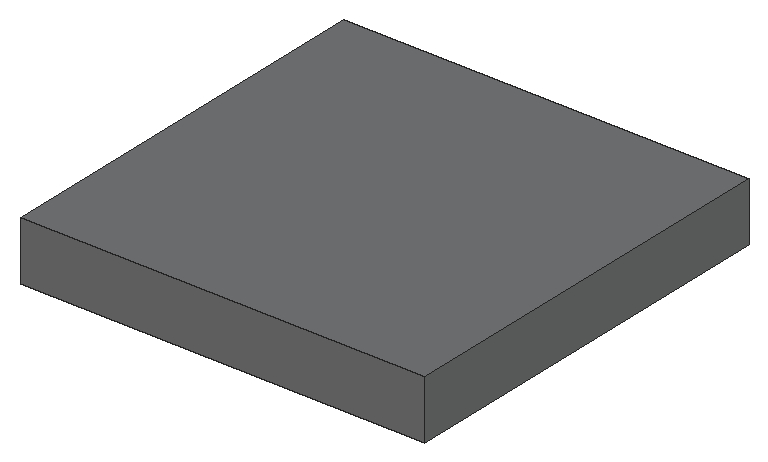
Revit family "Gira_026803", category Electrical Fixtures, host Face, Revit 2017
Family settings
  Host = Face
  Maintain Annotation Orientation = No
  Round Connector Dimension = Use Diameter
  Part Type = Normal
  Cut with Voids When Loaded = No
  Shared = No
  Room Calculation Point = No
Parameters (values of type "Blindabd. Tragring System 55 Reinweiß")
  Zusammenstellung = "Bedienelement"
  Werkstoffgüte = "sonstige"
  Werkstoff = "sonstige"
  Verwendung = "Blindabdeckung"
  URL = "http://katalog.gira.de/de_DE/datenblatt.html?artikelnr=026803"
  Transparent = "No"
  Tragring = "Yes"
  Region = "DE"
  RAL-Nummer (ähnlich) = "9010 "
  Oberfläche = "sonstige"
  Name = "Blindabd. Tragring System 55 Reinweiß"
  Montageart = "unter Putz"
  Mit Zugentlastung = "No"
  Mit Staubschutz = "No"
  Mit Klappdeckel = "No"
  Mit Aufdruck = "No"
  Manufacturer URL = "https://www.gira.de/"
  Lüsterklemme = "No"
  Keynote = "Sys55_Abdeckung_Schalten und Tasten"
  HeinzeBIM = "https://bimportal.heinze.de/bim/blindabd-tragring-system-55-reinweiss/fcda4eecf50e2b15c96f379005d226d6bbe24f9c"
  Halogenfrei = "Yes"
  HAN = "026803"
  Geeignet für Schutzart (IP) = "IP20"
  GTIN = "4010337268031"
  Farbe = "weiß"
  Default Elevation = 1219.2 mm
  Data sheet (1) = "https://katalog.gira.de/de_DE/download.html?artikelnr=026803"
  Category = "Einsatz/Abdeckung für Kommunikationstechnik"
  Beschriftungsfeld = "ohne Beschriftungsfeld"
  Befestigungsart = "Befestigung mit Schraube"
  Available = "Yes"
  Ausführung der Oberfläche = "glänzend"
  Anthrazit [instance] = Anthrazit
Reference planes
  plane 1 "Center (Front/Back)": y = 0
  plane 2: z = 0
  plane 3 "Center (Left/Right)": x = 0
Forms (mm)
  Extrusion 1, solid, material "Anthrazit" <- "Anthrazit", detail levels fine
    sketch origin (0, 0, 0) x (1, 0, 0) y (0, 1, 0)
      loop
        line (-27.5, 27.5) -> (-27.5, -27.5) -> (27.5, -27.5) -> (27.5, 27.5) -> (-27.5, 27.5)
    from 0 to 8
  Extrusion 2, void
    sketch origin (0, 0, 0) x (1, 0, 0) y (0, 1, 0)
      loop
        line (26, 26) -> (-26, 26) -> (-26, -26) -> (26, -26) -> (26, 26)
    from 0 to 6
  Extrusion 3, solid, material "Anthrazit" <- "Anthrazit", detail levels medium
    sketch origin (0, 0, 0) x (1, 0, 0) y (0, 1, 0)
      loop
        line (-27.5, 27.5) -> (-27.5, -27.5) -> (27.5, -27.5) -> (27.5, 27.5) -> (-27.5, 27.5)
    from 0 to 8
  Extrusion 4, solid, material "Anthrazit" <- "Anthrazit", detail levels medium
    sketch origin (0, 0, 0) x (1, 0, 0) y (0, 1, 0)
      loop
        line (11, -17.5) -> (11, 17.5) -> (-11, 17.5) -> (-11, -17.5) -> (11, -17.5)
    from -6 to 6
  Extrusion 5, solid, material "Anthrazit" <- "Anthrazit", detail levels fine
    sketch origin (0, 0, 0) x (1, 0, 0) y (0, 1, 0)
      loop
        line (11, 17.5) -> (-11, 17.5) -> (-11, 16.5) -> (11, 16.5) -> (11, 17.5)
      loop
        line (-11, -16.5) -> (-11, -17.5) -> (11, -17.5) -> (11, -16.5) -> (-11, -16.5)
    from -4 to 6
  Extrusion 6, solid, material "Anthrazit" <- "Anthrazit", detail levels fine
    sketch origin (0, 0, 0) x (1, 0, 0) y (0, 1, 0)
      loop
        arc (5, 9.347) -> (0, 10.6) -> (-5, 9.347) r 10.6
        line (-5, 9.347) -> (-5, -9.347)
        arc (-5, -9.347) -> (0, -10.6) -> (5, -9.347) r 10.6
        line (5, -9.347) -> (5, 9.347)
    from -6 to 6
  Extrusion 7, solid, material "Anthrazit" <- "Anthrazit", detail levels coarse
    sketch origin (0, 0, 0) x (1, 0, 0) y (0, 1, 0)
      loop
        line (-27.5, 27.5) -> (-27.5, -27.5) -> (27.5, -27.5) -> (27.5, 27.5) -> (-27.5, 27.5)
    from -6 to 8
Cuts and joins
  Extrusion 2 cuts Extrusion 1
Dimensions and locks
  aligned and locked: plane 2 to host face
  aligned and locked: level to host face
